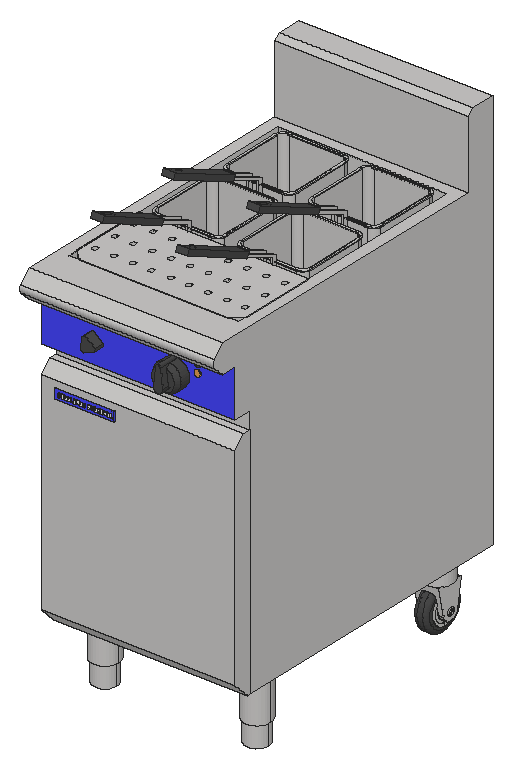
Revit family "QF_MOFFAT_BLUESEAL_AU_E47-7", category Specialty Equipment, Revit 2012
Parameters
  Weight in Pounds = 172
  Watts = 7000 W
  Waste Water Discharge Temperature [instance] = -459.67 °F
  Volts = 230 V
  URL Cutsheet = "www.moffat.com"
  URL = "www.moffat.com"
  Type Mark [instance] = ""
  Status [instance] = ""
  Specification by User [instance] = ""
  Specification by Manufacturer = ""
  Show Logo [instance] = yes
  Show Clearance [instance] = yes
  Show Casters [instance] = yes
  Serial Number = ""
  Seismic Rating = ""
  SMACNA No = ""
  Revision Code [instance] = ""
  Plumbing Remarks = ""
  Plumbing Connection Type = ""
  Phase = 1
  Omniclass Number and Title = ""
  Number of Poles [instance] = 1
  NAFEM Spec ID Number = ""
  Model = "E47-7"
  Min Ckt Ampacity = 0 A
  Max Overcurrent Protection = 0 A
  Masterspec = ""
  Manufacturer = "MOFFAT BLUESEAL"
  Legs [instance] = not(Show Casters)  # no
  Item Number [instance] = ""
  Installed By [instance] = ""
  Indirect Waste Size = 1"
  Indirect Waste Flow [instance] = 0 GPM
  Indirect Waste Connection Type = ""
  Indirect Waste Connection Height = 0 mm
  Identify Quantity as Lot [instance] = yes
  HP = ""
  Furnished By [instance] = ""
  Foodservice Equipment Identifier [instance] = yes
  FL Amps = 29.2 A
  Electrical Remarks [instance] = "29.2A PER PHASE"
  Electric Connection Type [instance] = ""
  Elec Conn RI Height [instance] = 0 mm
  Elec Conn Connection Height [instance] = 0 mm
  Description = "450MM ELECTRIC PASTA COOKER SINGLE PAN"
  Cycle = 50 Hz
  Conn Plug = ""
  Conn Conduit = yes
  Cold Water Temperature Recommended [instance] = -459.67 °F
  Cold Water Size = 1/2"
  Cold Water RI Height [instance] = 0 mm
  Cold Water Minimum Pressure = 0.00 psi
  Cold Water Maximum Pressure = 0.00 psi
  Cold Water Flow [instance] = 0 GPM
  Cold Water Consumption = ""
  Cold Water Connection Height = 0 mm
  CSI MasterFormat = ""
  CSI Master Format = ""
  Apparent Power = if(Phase = 3, Volts * FL Amps * 1.73, Volts * FL Amps)  # 6716 VA
Reference planes
  plane 1 "BACK": y = 0
  plane 2: z = 0
  plane 3 "LEFT": x = 0
  plane 4 "RIGHT": x = 450
  plane 5 "FRONT": y = -804.5
  plane 6 "TOP": z = 1085.5
  plane 7 "Center Y": x = 225
  plane 8 "Center X": y = -402.25
  plane 9: y = -470
  plane 10: x = 116
  plane 11: x = 49
  plane 12: y = -541
  plane 13: x = 92.16
  plane 14: y = -541
  plane 15: x = 180.045
  plane 16: y = -541
  plane 17: x = 224.495
  plane 18: y = -541
  plane 19: x = 267.312
  plane 20: y = -541
  plane 21: x = 355.197
  plane 22: y = -541
  plane 23: x = 398.358
  plane 24: y = -541
Forms (mm)
  Extrusion 1, solid, material "QF_Finishes_Stainless Steel"
    sketch origin (0, 0, 0) x (0, 1, 0) y (0, 0, 1)
      loop
        line (-705, 150) -> (0, 150) -> (0, 1085.5) -> (-57, 1085.5) -> (-70, 1072.5) -> (-70, 915) -> (-783.97, 915) -> (-808.485, 890.485)
        arc (-808.485, 890.485) -> (-811.999, 882) -> (-808.485, 873.515) r 12
        line (-808.485, 873.515) -> (-784.97, 850) -> (-749, 850) -> (-749, 740) -> (-705, 740) -> (-705, 150)
    from 0 to 450
  Extrusion 2, solid, material "QF_Finishes_Stainless Steel"
    sketch origin (0, 0, 0) x (0, 1, 0) y (0, 0, 1)
      loop
        line (-749, 676) -> (-749, 186) -> (-713, 150) -> (-705, 150) -> (-705, 700) -> (-725, 700) -> (-749, 676)
    from 0 to 450
  Revolve 3, solid, material "QF_Finishes_Stainless Steel"
    sketch origin (-16.8, -625, 0) x (1, 0, 0) y (0, 0, 1)
      loop
        line (65, 0) -> (65, 150) -> (33.25, 150) -> (33.25, 50) -> (37.5, 50) -> (37.5, 0) -> (65, 0)
      axis (65, 0) -> (65, 150)
    angle from 0 to 360
  Revolve 4, solid, material "QF_Finishes_Stainless Steel"
    sketch origin (466.8, -625, 0) x (-1, 0, 0) y (0, 0, 1)
      loop
        line (65, 0) -> (65, 150) -> (33.25, 150) -> (33.25, 50) -> (37.5, 50) -> (37.5, 0) -> (65, 0)
      axis (65, 0) -> (65, 150)
    angle from 0 to 360
  Revolve 5, solid, material "QF_Finishes_Stainless Steel", visible <- "Legs"
    sketch origin (401.8, -166, 0) x (0, 1, 0) y (0, 0, -1)
      loop
        line (34.25, -150) -> (66, -150) -> (66, 0) -> (38.5, 0) -> (38.5, -50) -> (34.25, -50) -> (34.25, -150)
      axis (66, -150) -> (66, 0)
    angle from 0 to 360
  Revolve 6, solid, material "QF_Finishes_Stainless Steel", visible <- "Show Casters"
    sketch origin (451.024, -100.755, -12.8) x (-1, 0, 0) y (0, 0, -1)
      loop
        line (14.841, -63.604) -> (14.841, -67.109) -> (16.111, -68.379) -> (17.635, -68.379) -> (17.635, -71.826) -> (29.782, -71.826) -> (29.782, -81.871) -> (33.352, -83.932) -> (34.687, -92.179) -> (32.544, -92.179) -> (32.544, -98.529) -> (33.338, -98.529) -> (33.338, -104.879)
        arc (33.338, -104.879) -> (36.127, -111.614) -> (42.863, -114.404) r 9.525
        line (42.863, -114.404) -> (55.563, -114.404)
        arc (55.563, -114.404) -> (62.298, -111.614) -> (65.088, -104.879) r 9.525
        line (65.088, -104.879) -> (65.088, -98.529) -> (65.881, -98.529) -> (65.881, -92.179) -> (63.738, -92.179) -> (65.088, -83.843) -> (68.644, -81.79) -> (68.644, -71.826) -> (80.79, -71.826) -> (80.79, -68.379) -> (82.314, -68.379) -> (83.584, -67.109) -> (83.584, -63.604) -> (14.841, -63.604)
      axis (14.841, -63.604) -> (83.584, -63.604)
    angle from 0 to 360
  Extrusion 7, solid, material "QF_Finishes_Stainless Steel", visible <- "Show Casters"
    sketch origin (395.299, 132.353, -8.783) x (0, 1, 0) y (0, 0, -1)
      loop
        line (-200.603, -118.783) -> (-212.959, -53.895)
        arc (-212.959, -53.895) -> (-232.353, -38.783) -> (-251.746, -53.895) r 20
        line (-251.746, -53.895) -> (-264.103, -118.783) -> (-200.603, -118.783)
    from -35.667 to 22.923
  Revolve 8, solid, material "QF_Finishes_Stainless Steel", visible <- "Show Casters"
    sketch origin (401.8, -204, 0) x (0, 1, 0) y (0, 0, -1)
      loop
        line (68.25, -150) -> (104, -150) -> (104, -110) -> (68.25, -110) -> (68.25, -150)
      axis (104, -150) -> (104, -110)
    angle from 0 to 360
  Revolve 9, solid, material "QF_Finishes_Stainless Steel", visible <- "Legs"
    sketch origin (401.8, -166, 0) x (0, 1, 0) y (0, 0, -1)
      loop
        line (34.25, -150) -> (66, -150) -> (66, 0) -> (38.5, 0) -> (38.5, -50) -> (34.25, -50) -> (34.25, -150)
      axis (66, -150) -> (66, 0)
    angle from 0 to 360
  Revolve 10, solid, material "QF_Finishes_Stainless Steel", visible <- "Legs"
    sketch origin (48.2, -166, 0) x (0, 1, 0) y (0, 0, -1)
      loop
        line (34.25, -150) -> (66, -150) -> (66, 0) -> (38.5, 0) -> (38.5, -50) -> (34.25, -50) -> (34.25, -150)
      axis (66, -150) -> (66, 0)
    angle from 0 to 360
  Revolve 11, solid, material "QF_Finishes_Stainless Steel", visible <- "Show Casters"
    sketch origin (97.424, -100.755, -12.8) x (-1, 0, 0) y (0, 0, -1)
      loop
        line (14.841, -63.604) -> (14.841, -67.109) -> (16.111, -68.379) -> (17.635, -68.379) -> (17.635, -71.826) -> (29.782, -71.826) -> (29.782, -81.871) -> (33.352, -83.932) -> (34.687, -92.179) -> (32.544, -92.179) -> (32.544, -98.529) -> (33.338, -98.529) -> (33.338, -104.879)
        arc (33.338, -104.879) -> (36.127, -111.614) -> (42.863, -114.404) r 9.525
        line (42.863, -114.404) -> (55.563, -114.404)
        arc (55.563, -114.404) -> (62.298, -111.614) -> (65.088, -104.879) r 9.525
        line (65.088, -104.879) -> (65.088, -98.529) -> (65.881, -98.529) -> (65.881, -92.179) -> (63.738, -92.179) -> (65.088, -83.843) -> (68.644, -81.79) -> (68.644, -71.826) -> (80.79, -71.826) -> (80.79, -68.379) -> (82.314, -68.379) -> (83.584, -67.109) -> (83.584, -63.604) -> (14.841, -63.604)
      axis (14.841, -63.604) -> (83.584, -63.604)
    angle from 0 to 360
  Extrusion 12, solid, material "QF_Finishes_Stainless Steel", visible <- "Show Casters"
    sketch origin (41.699, 132.353, -8.783) x (0, 1, 0) y (0, 0, -1)
      loop
        line (-200.603, -118.783) -> (-212.959, -53.895)
        arc (-212.959, -53.895) -> (-232.353, -38.783) -> (-251.746, -53.895) r 20
        line (-251.746, -53.895) -> (-264.103, -118.783) -> (-200.603, -118.783)
    from -35.667 to 22.923
  Revolve 13, solid, material "QF_Finishes_Stainless Steel", visible <- "Show Casters"
    sketch origin (48.2, -204, 0) x (0, 1, 0) y (0, 0, -1)
      loop
        line (68.25, -150) -> (104, -150) -> (104, -110) -> (68.25, -110) -> (68.25, -150)
      axis (104, -150) -> (104, -110)
    angle from 0 to 360
  Revolve 14, solid, material "QF_Finishes_Stainless Steel", visible <- "Legs"
    sketch origin (48.2, -166, 0) x (0, 1, 0) y (0, 0, -1)
      loop
        line (34.25, -150) -> (66, -150) -> (66, 0) -> (38.5, 0) -> (38.5, -50) -> (34.25, -50) -> (34.25, -150)
      axis (66, -150) -> (66, 0)
    angle from 0 to 360
  Extrusion 15, solid, material "QF_Finishes_Orange"
    sketch origin (-661.662, -749, 852.5) x (0, 0, -1) y (1, 0, 0)
      loop
        circle (45.2, 1025.121) r 7.15
    from 0 to 1
  Revolve 16, solid, material "QF_Finishes_Black"
    sketch origin (318.453, 7, 760.3) x (0, 1, 0) y (0, 0, -1)
      loop
        line (-789, -69.5) -> (-766, -69.5) -> (-766, -42) -> (-756, -42) -> (-756, -37) -> (-800, -37) -> (-800, -63.651) -> (-789, -69.5)
      axis (-800, -37) -> (-756, -37)
    angle from 0 to 360
  Extrusion 17, solid, material "QF_Finishes_Black"
    sketch origin (456.723, 0, 760.458) x (-1, 0, 0) y (0, 0, -1)
      loop
        line (127.85, -26.064) -> (133.27, -68.983)
        arc (133.27, -68.983) -> (138.269, -73.87) -> (143.267, -68.983) r 5
        line (143.267, -68.983) -> (148.756, -24.898)
        arc (148.756, -24.898) -> (137.684, -14.399) -> (127.85, -26.064) r 10.487
    from 759 to 808
  Extrusion 18, solid, material "QF_Finishes_Black"
    sketch origin (-661.662, -749, 852.5) x (0, 0, -1) y (1, 0, 0)
      loop
        circle (25.2, 1025.121) r 7.15
    from 0 to 1
  Extrusion 19, solid, material "QF_Finishes_Black"
    sketch origin (22.819, -759, 866) x (0, 0, -1) y (1, 0, 0)
      loop
        line (86.551, 101.927) -> (74.537, 128.133) -> (67.527, 128.793) -> (50.134, 105.178) -> (53.346, 98.172) -> (81.813, 95.495) -> (86.551, 101.927)
    from 0 to 23
  Extrusion 20, void
    sketch origin (0, 0, 0) x (0, 1, 0) y (0, 0, 1)
      loop
        line (-95.5, 915) -> (-705, 915) -> (-705, 747.948) -> (-95.5, 747.948) -> (-95.5, 915)
    from 27.4 to 422.6
  Extrusion 21, solid, material "QF_Finishes_Stainless Steel"
    sketch origin (0, -783.97, 439.117) x (0, 1, 0) y (-1, 0, 0)
      loop
        circle (358.942, -392) r 6.35
    from -3.49 to 1.588
  Extrusion 22, solid, material "QF_Finishes_Stainless Steel"
    sketch origin (0, 0, 0) x (1, 0, 0) y (0, 1, 0)
      loop
        circle (116, -470) r 10
    from 170 to 175
  Extrusion 23, solid, material "QF_Finishes_Stainless Steel"
    sketch origin (0, 0, 150) x (-1, 0, 0) y (0, 1, 0)
      loop
        circle (-49, -541) r 6.35
    from 0 to 1.588
  Extrusion 24, solid, material "QF_Finishes_Stainless Steel"
    sketch origin (43.16, 0, 150) x (-1, 0, 0) y (0, 1, 0)
      loop
        circle (-49, -541) r 6.35
    from 0 to 1.588
  Extrusion 25, solid, material "QF_Finishes_Stainless Steel"
    sketch origin (131.045, 0, 150) x (-1, 0, 0) y (0, 1, 0)
      loop
        circle (-49, -541) r 6.35
    from 0 to 1.588
  Extrusion 26, solid, material "QF_Finishes_Stainless Steel"
    sketch origin (175.495, 0, 150) x (-1, 0, 0) y (0, 1, 0)
      loop
        circle (-49, -541) r 6.35
    from 0 to 1.588
  Extrusion 27, solid, material "QF_Finishes_Stainless Steel"
    sketch origin (218.312, 0, 150) x (-1, 0, 0) y (0, 1, 0)
      loop
        circle (-49, -541) r 6.35
    from 0 to 1.588
  Extrusion 28, solid, material "QF_Finishes_Stainless Steel"
    sketch origin (306.197, 0, 150) x (-1, 0, 0) y (0, 1, 0)
      loop
        circle (-49, -541) r 6.35
    from 0 to 1.588
  Extrusion 29, solid, material "QF_Finishes_Stainless Steel"
    sketch origin (349.358, 0, 150) x (-1, 0, 0) y (0, 1, 0)
      loop
        circle (-49, -541) r 6.35
    from 0 to 1.588
  Extrusion 30, solid, material "QF_Door-Drawer Clearances", visible <- "Show Clearance", detail levels coarse
    sketch origin (32.187, -710.65, 150) x (-1, 0, 0) y (0, 1, 0)
      loop
        line (32.187, -38.35) -> (-417.813, -38.35)
        arc (-417.813, -38.35) -> (-286.605, -360.107) -> (32.187, -498.361) r 460.122
        line (32.187, -498.361) -> (32.187, -38.35)
    from 0 to -550
  Extrusion 31, solid, material "QF_Finishes_Stainless Steel"
    sketch origin (0, 0, 0) x (1, 0, 0) y (0, 1, 0)
      loop
        line (422.6, -499.7) -> (27.4, -499.7) -> (27.4, -679.6) -> (52.8, -705) -> (397.2, -705) -> (422.6, -679.6) -> (422.6, -499.7)
    from 898.356 to 915
  Extrusion 32, void
    sketch origin (0, -692.812, 915) x (0, 1, 0) y (-1, 0, 0)
      loop
        circle (151.722, -50.321) r 6.35
      loop
        circle (94.572, -50.321) r 6.35
      loop
        circle (37.422, -50.321) r 6.35
      loop
        circle (151.722, -225.817) r 6.35
      loop
        circle (94.572, -225.817) r 6.35
      loop
        circle (37.422, -225.817) r 6.35
      loop
        circle (151.722, -181.367) r 6.35
      loop
        circle (94.572, -181.367) r 6.35
      loop
        circle (37.422, -181.367) r 6.35
      loop
        circle (151.722, -137.932) r 6.35
      loop
        circle (94.572, -137.932) r 6.35
      loop
        circle (37.422, -137.932) r 6.35
      loop
        circle (151.722, -93.482) r 6.35
      loop
        circle (94.572, -93.482) r 6.35
      loop
        circle (37.422, -93.482) r 6.35
      loop
        circle (151.722, -399.679) r 6.35
      loop
        circle (94.572, -399.679) r 6.35
      loop
        circle (37.422, -399.679) r 6.35
      loop
        circle (151.722, -268.633) r 6.35
      loop
        circle (94.572, -268.633) r 6.35
      loop
        circle (37.422, -268.633) r 6.35
      loop
        circle (151.722, -312.068) r 6.35
      loop
        circle (94.572, -312.068) r 6.35
      loop
        circle (37.422, -312.068) r 6.35
      loop
        circle (151.722, -356.518) r 6.35
      loop
        circle (94.572, -356.518) r 6.35
      loop
        circle (37.422, -356.518) r 6.35
    from -24.435 to 1.588
Cuts and joins
  Extrusion 20 cuts Extrusion 1
  Extrusion 32 cuts Extrusion 31
Lines and regions (mm)
  symbolic lines
    curve 1: line (0, 0, 915) -> (450, 0, 915)
    curve 2: line (0, -804.5, 915) -> (0, 0, 915)
    curve 3: line (450, -804.5, 915) -> (0, -804.5, 915)
    curve 4: line (450, 0, 915) -> (450, -804.5, 915)
    curve 5: line (0, -783.97, 915) -> (450, -783.97, 915)
    curve 6: line (27.4, -95.5, 915) -> (422.6, -95.5, 915)
    curve 7: line (422.6, -95.5, 915) -> (422.6, -705, 915)
    curve 8: line (422.6, -705, 915) -> (27.4, -705, 915)
    curve 9: line (27.4, -705, 915) -> (27.4, -95.5, 915)
    curve 10: line (422.6, -499.7, 915) -> (27.4, -499.7, 915)
    curve 11: line (0, -57, 915) -> (450, -57, 915)
    curve 12: line (0, -70, 915) -> (450, -70, 915)
    curve 50: line (27.4, -679.6, 0) -> (52.8, -705, 0)
    curve 51: line (397.2, -705, 0) -> (422.6, -679.6, 0)
  symbolic lines, style "SpecialityEquipmentHiddenLines", visible <- "Show Casters"
    curve 13: line (106.952, -62.61, 0) -> (56.152, -150.598, 0)
    curve 14: line (79.456, -46.735, 0) -> (106.952, -62.61, 0)
    curve 15: line (28.656, -134.723, 0) -> (79.456, -46.735, 0)
    curve 16: line (56.152, -150.598, 0) -> (28.656, -134.723, 0)
    curve 17: line (431.952, -62.61, 0) -> (381.152, -150.598, 0)
    curve 18: line (404.456, -46.735, 0) -> (431.952, -62.61, 0)
    curve 19: line (353.656, -134.723, 0) -> (404.456, -46.735, 0)
    curve 20: line (381.152, -150.598, 0) -> (353.656, -134.723, 0)
  symbolic lines, style "QF_Door-Drawer Clearances"
    curve 21: arc (446.641, -804.5, 0) -> (427.109, -892.322, 0) -> (390.862, -974.664, 0) r 460.122
    curve 22: line (96.129, -804.5, 0) -> (390.862, -974.664, 0)
  symbolic lines, style "SpecialityEquipment"
    curve 23: circle (50.321, -541.09, 0) r 6.35 normal (0, 0, 1)
    curve 24: circle (50.321, -598.24, 0) r 6.35 normal (0, 0, 1)
    curve 25: circle (50.321, -655.39, 0) r 6.35 normal (0, 0, 1)
    curve 26: circle (225.817, -541.09, 0) r 6.35 normal (0, 0, 1)
    curve 27: circle (225.817, -598.24, 0) r 6.35 normal (0, 0, 1)
    curve 28: circle (225.817, -655.39, 0) r 6.35 normal (0, 0, 1)
    curve 29: circle (181.367, -541.09, 0) r 6.35 normal (0, 0, 1)
    curve 30: circle (181.367, -598.24, 0) r 6.35 normal (0, 0, 1)
    curve 31: circle (181.367, -655.39, 0) r 6.35 normal (0, 0, 1)
    curve 32: circle (137.932, -541.09, 0) r 6.35 normal (0, 0, 1)
    curve 33: circle (137.932, -598.24, 0) r 6.35 normal (0, 0, 1)
    curve 34: circle (137.932, -655.39, 0) r 6.35 normal (0, 0, 1)
    curve 35: circle (93.482, -541.09, 0) r 6.35 normal (0, 0, 1)
    curve 36: circle (93.482, -598.24, 0) r 6.35 normal (0, 0, 1)
    curve 37: circle (93.482, -655.39, 0) r 6.35 normal (0, 0, 1)
    curve 38: circle (399.679, -541.09, 0) r 6.35 normal (0, 0, -1)
    curve 39: circle (399.679, -598.24, 0) r 6.35 normal (0, 0, -1)
    curve 40: circle (399.679, -655.39, 0) r 6.35 normal (0, 0, -1)
    curve 41: circle (268.633, -541.09, 0) r 6.35 normal (0, 0, -1)
    curve 42: circle (268.633, -598.24, 0) r 6.35 normal (0, 0, -1)
    curve 43: circle (268.633, -655.39, 0) r 6.35 normal (0, 0, -1)
    curve 44: circle (312.068, -541.09, 0) r 6.35 normal (0, 0, -1)
    curve 45: circle (312.068, -598.24, 0) r 6.35 normal (0, 0, -1)
    curve 46: circle (312.068, -655.39, 0) r 6.35 normal (0, 0, -1)
    curve 47: circle (356.518, -541.09, 0) r 6.35 normal (0, 0, -1)
    curve 48: circle (356.518, -598.24, 0) r 6.35 normal (0, 0, -1)
    curve 49: circle (356.518, -655.39, 0) r 6.35 normal (0, 0, -1)
Dimensions and locks
  equal spacing: plane 3 "LEFT", plane 7 "Center Y", plane 4 "RIGHT"
  plane 3 "LEFT" to plane 4 "RIGHT" = 450 mm
  equal spacing: plane 5 "FRONT", plane 8 "Center X", plane 1 "BACK"
  plane 5 "FRONT" to plane 1 "BACK" = 804.5 mm
  Revolve 6 sketch curve to Revolve 6 sketch curve = 50.8 mm
  Revolve 11 sketch curve to Revolve 11 sketch curve = 50.8 mm
  plane 9 to plane 1 "BACK" = 470 mm
  plane 3 "LEFT" to plane 10 = 116 mm
  plane 3 "LEFT" to plane 11 = 49 mm
  plane 12 to plane 1 "BACK" = 541 mm
  Extrusion 21 sketch curve to plane 4 "RIGHT" = 58 mm
  aligned and locked: level to plane 2
  aligned and locked: Extrusion 2 to plane 4 "RIGHT"
  aligned and locked: Extrusion 1 to plane 4 "RIGHT"
Automatic sketch dimensions
  Extrusion 1 sketch curve to plane 6 "TOP" = 0 mm
  Extrusion 1 sketch curve to plane 1 "BACK" = 0 mm
  plane 1 "BACK" to Extrusion 1 sketch curve = 57 mm
  plane 1 "BACK" to Extrusion 1 sketch curve = 70 mm
  Extrusion 1 sketch curve to plane 5 "FRONT" = 99.5 mm
  Extrusion 1 sketch curve to plane 5 "FRONT" = 55.5 mm
  Extrusion 1 sketch curve to plane 5 "FRONT" = 20.53 mm
  Extrusion 1 sketch curve to plane 5 "FRONT" = 19.53 mm
  Extrusion 1 sketch curve to plane 5 "FRONT" = 4.501 mm
  plane 5 "FRONT" to Extrusion 1 sketch curve = 3.985 mm  (x2)
  Extrusion 1 sketch curve to plane 6 "TOP" = 13 mm
  Extrusion 1 sketch curve to plane 6 "TOP" = 170.5 mm
  Extrusion 1 sketch curve to Extrusion 1 sketch curve = 24.515 mm
  Extrusion 1 sketch curve to Extrusion 1 sketch curve = 8.485 mm
  Extrusion 1 sketch curve to Extrusion 1 sketch curve = 23.515 mm
  Extrusion 1 sketch curve to Extrusion 1 sketch curve = 110 mm
  level to Extrusion 1 sketch curve = 150 mm
  Extrusion 2 sketch curve to plane 5 "FRONT" = 55.5 mm
  Extrusion 2 sketch curve to Extrusion 2 sketch curve = 24 mm  (x2)
  Extrusion 2 sketch curve to Extrusion 2 sketch curve = 36 mm  (x2)
  Extrusion 2 sketch curve to Extrusion 2 sketch curve = 8 mm
  level to Extrusion 2 sketch curve = 150 mm
  Extrusion 2 sketch curve to plane 6 "TOP" = 409.5 mm
  Revolve 3 sketch curve to level = 0 mm
  plane 3 "LEFT" to Revolve 3 sketch curve = 16.45 mm
  Revolve 3 sketch curve to Revolve 3 sketch curve = 4.25 mm
  Revolve 3 sketch curve to Revolve 3 sketch curve = 31.75 mm
  Revolve 3 sketch curve to Revolve 3 sketch curve = 0 mm  (x2)
  Revolve 3 sketch curve to Revolve 3 sketch curve = 50 mm
  Revolve 3 sketch curve to Revolve 3 sketch curve = 100 mm
  Revolve 3 sketch curve to Revolve 3 sketch curve = 25 mm
  Revolve 4 sketch curve to level = 0 mm
  Revolve 4 sketch curve to plane 4 "RIGHT" = 16.45 mm
  Revolve 4 sketch curve to Revolve 4 sketch curve = 4.25 mm
  Revolve 4 sketch curve to Revolve 4 sketch curve = 31.75 mm
  Revolve 4 sketch curve to Revolve 4 sketch curve = 0 mm  (x2)
  Revolve 4 sketch curve to Revolve 4 sketch curve = 50 mm
  Revolve 4 sketch curve to Revolve 4 sketch curve = 100 mm
  Revolve 4 sketch curve to Revolve 4 sketch curve = 25 mm
  Revolve 5 sketch curve to level = 0 mm
  level to Revolve 5 sketch curve = 50 mm
  plane 1 "BACK" to Revolve 5 sketch curve = 131.75 mm
  Revolve 5 sketch curve to Revolve 5 sketch curve = 4.25 mm
  Revolve 5 sketch curve to Revolve 5 sketch curve = 27.5 mm  (x2)
  Revolve 5 sketch curve to Revolve 5 sketch curve = 100 mm
  Revolve 5 sketch curve to Revolve 5 sketch curve = 0 mm
  Revolve 5 sketch curve to Revolve 5 sketch curve = 55 mm
  plane 4 "RIGHT" to Revolve 6 sketch curve = 13.818 mm
  Revolve 6 sketch curve to Revolve 6 sketch curve = 1.27 mm  (x4)
  Revolve 6 sketch curve to Revolve 6 sketch curve = 1.524 mm  (x2)
  Revolve 6 sketch curve to Revolve 6 sketch curve = 12.146 mm  (x2)
  Revolve 6 sketch curve to Revolve 6 sketch curve = 2.762 mm
  Revolve 6 sketch curve to Revolve 6 sketch curve = 0.794 mm  (x2)
  Revolve 6 sketch curve to Revolve 6 sketch curve = 3.57 mm
  Revolve 6 sketch curve to Revolve 6 sketch curve = 2.143 mm
  Revolve 6 sketch curve to Revolve 6 sketch curve = 9.525 mm
  Revolve 6 sketch curve to Revolve 6 sketch curve = 24.572 mm
  Revolve 6 sketch curve to Revolve 6 sketch curve = 12.7 mm
  Revolve 6 sketch curve to Revolve 6 sketch curve = 8.176 mm
  Revolve 6 sketch curve to Revolve 6 sketch curve = 1.349 mm  (x2)
  Revolve 6 sketch curve to Revolve 6 sketch curve = 3.556 mm
  Revolve 6 sketch curve to Revolve 6 sketch curve = 33.32 mm
  level to Revolve 6 sketch curve = 101.604 mm
  Revolve 6 sketch curve to Revolve 6 sketch curve = 6.35 mm  (x4)
  Revolve 6 sketch curve to Revolve 6 sketch curve = 8.247 mm
  Revolve 6 sketch curve to Revolve 6 sketch curve = 8.336 mm
  Revolve 6 sketch curve to Revolve 6 sketch curve = 2.061 mm
  Revolve 6 sketch curve to Revolve 6 sketch curve = 2.053 mm
  Revolve 6 sketch curve to Revolve 6 sketch curve = 10.045 mm
  Revolve 6 sketch curve to Revolve 6 sketch curve = 9.964 mm
  Revolve 6 sketch curve to Revolve 6 sketch curve = 3.447 mm  (x2)
  Revolve 6 sketch curve to Revolve 6 sketch curve = 3.505 mm
  plane 1 "BACK" to Extrusion 7 sketch curve = 131.75 mm
  level to Extrusion 7 sketch curve = 45.111 mm  (x2)
  Extrusion 7 sketch curve to Extrusion 7 sketch curve = 12.357 mm
  Extrusion 7 sketch curve to Extrusion 7 sketch curve = 19.393 mm
  Extrusion 7 sketch curve to Extrusion 7 sketch curve = 63.5 mm
  Extrusion 7 sketch curve to Extrusion 7 sketch curve = 4.889 mm
  Extrusion 7 sketch curve to Extrusion 7 sketch curve = 64.889 mm
  plane 1 "BACK" to Revolve 8 sketch curve = 135.75 mm
  plane 1 "BACK" to Revolve 8 sketch curve = 100 mm
  Revolve 8 sketch curve to Revolve 8 sketch curve = 35.75 mm
  level to Revolve 8 sketch curve = 150 mm
  Revolve 8 sketch curve to Revolve 8 sketch curve = 40 mm
  level to Revolve 8 sketch curve = 50 mm
  Revolve 8 sketch curve to level = 55 mm
  Revolve 9 sketch curve to level = 0 mm
  level to Revolve 9 sketch curve = 50 mm
  plane 1 "BACK" to Revolve 9 sketch curve = 131.75 mm
  Revolve 9 sketch curve to Revolve 9 sketch curve = 4.25 mm
  Revolve 9 sketch curve to Revolve 9 sketch curve = 27.5 mm  (x2)
  Revolve 9 sketch curve to Revolve 9 sketch curve = 100 mm
  Revolve 9 sketch curve to Revolve 9 sketch curve = 0 mm
  Revolve 9 sketch curve to Revolve 9 sketch curve = 55 mm
  Revolve 10 sketch curve to level = 0 mm
  level to Revolve 10 sketch curve = 50 mm
  plane 1 "BACK" to Revolve 10 sketch curve = 131.75 mm
  Revolve 10 sketch curve to Revolve 10 sketch curve = 4.25 mm
  Revolve 10 sketch curve to Revolve 10 sketch curve = 27.5 mm  (x2)
  Revolve 10 sketch curve to Revolve 10 sketch curve = 100 mm
  Revolve 10 sketch curve to Revolve 10 sketch curve = 0 mm
  Revolve 10 sketch curve to Revolve 10 sketch curve = 55 mm
  plane 3 "LEFT" to Revolve 11 sketch curve = 82.582 mm
  Revolve 11 sketch curve to Revolve 11 sketch curve = 1.27 mm  (x4)
  Revolve 11 sketch curve to Revolve 11 sketch curve = 1.524 mm  (x2)
  Revolve 11 sketch curve to Revolve 11 sketch curve = 12.146 mm  (x2)
  Revolve 11 sketch curve to Revolve 11 sketch curve = 2.762 mm
  Revolve 11 sketch curve to Revolve 11 sketch curve = 0.794 mm  (x2)
  Revolve 11 sketch curve to Revolve 11 sketch curve = 3.57 mm
  Revolve 11 sketch curve to Revolve 11 sketch curve = 2.143 mm
  Revolve 11 sketch curve to Revolve 11 sketch curve = 9.525 mm
  Revolve 11 sketch curve to Revolve 11 sketch curve = 24.572 mm
  Revolve 11 sketch curve to Revolve 11 sketch curve = 12.7 mm
  Revolve 11 sketch curve to Revolve 11 sketch curve = 8.176 mm
  Revolve 11 sketch curve to Revolve 11 sketch curve = 1.349 mm  (x2)
  Revolve 11 sketch curve to Revolve 11 sketch curve = 3.556 mm
  Revolve 11 sketch curve to plane 3 "LEFT" = 19.48 mm
  level to Revolve 11 sketch curve = 101.604 mm
  Revolve 11 sketch curve to Revolve 11 sketch curve = 6.35 mm  (x4)
  Revolve 11 sketch curve to Revolve 11 sketch curve = 8.247 mm
  Revolve 11 sketch curve to Revolve 11 sketch curve = 8.336 mm
  Revolve 11 sketch curve to Revolve 11 sketch curve = 2.061 mm
  Revolve 11 sketch curve to Revolve 11 sketch curve = 2.053 mm
  Revolve 11 sketch curve to Revolve 11 sketch curve = 10.045 mm
  Revolve 11 sketch curve to Revolve 11 sketch curve = 9.964 mm
  Revolve 11 sketch curve to Revolve 11 sketch curve = 3.447 mm  (x2)
  Revolve 11 sketch curve to Revolve 11 sketch curve = 3.505 mm
  plane 1 "BACK" to Extrusion 12 sketch curve = 131.75 mm
  level to Extrusion 12 sketch curve = 45.111 mm  (x2)
  Extrusion 12 sketch curve to Extrusion 12 sketch curve = 12.357 mm
  Extrusion 12 sketch curve to Extrusion 12 sketch curve = 19.393 mm
  Extrusion 12 sketch curve to Extrusion 12 sketch curve = 63.5 mm
  Extrusion 12 sketch curve to Extrusion 12 sketch curve = 4.889 mm
  Extrusion 12 sketch curve to Extrusion 12 sketch curve = 64.889 mm
  plane 1 "BACK" to Revolve 13 sketch curve = 135.75 mm
  plane 1 "BACK" to Revolve 13 sketch curve = 100 mm
  Revolve 13 sketch curve to Revolve 13 sketch curve = 35.75 mm
  level to Revolve 13 sketch curve = 150 mm
  Revolve 13 sketch curve to Revolve 13 sketch curve = 40 mm
  level to Revolve 13 sketch curve = 50 mm
  Revolve 13 sketch curve to level = 55 mm
  Revolve 14 sketch curve to level = 0 mm
  level to Revolve 14 sketch curve = 50 mm
  plane 1 "BACK" to Revolve 14 sketch curve = 131.75 mm
  Revolve 14 sketch curve to Revolve 14 sketch curve = 4.25 mm
  Revolve 14 sketch curve to Revolve 14 sketch curve = 27.5 mm  (x2)
  Revolve 14 sketch curve to Revolve 14 sketch curve = 100 mm
  Revolve 14 sketch curve to Revolve 14 sketch curve = 0 mm
  Revolve 14 sketch curve to Revolve 14 sketch curve = 55 mm
  plane 4 "RIGHT" to Extrusion 15 sketch curve = 86.542 mm
  Extrusion 15 sketch curve to plane 6 "TOP" = 278.2 mm
  Revolve 16 sketch curve to plane 5 "FRONT" = 11.5 mm
  Revolve 16 sketch curve to Revolve 16 sketch curve = 0 mm  (x2)
  Revolve 16 sketch curve to Revolve 16 sketch curve = 11 mm
  Revolve 16 sketch curve to Revolve 16 sketch curve = 12.7 mm
  Revolve 16 sketch curve to Revolve 16 sketch curve = 23 mm
  Revolve 16 sketch curve to Revolve 16 sketch curve = 10 mm
  Revolve 16 sketch curve to plane 6 "TOP" = 255.7 mm
  Revolve 16 sketch curve to Revolve 16 sketch curve = 5.849 mm
  Revolve 16 sketch curve to Revolve 16 sketch curve = 27.5 mm
  Revolve 16 sketch curve to Revolve 16 sketch curve = 5 mm
  plane 7 "Center Y" to Extrusion 17 sketch curve = 103.873 mm
  Extrusion 17 sketch curve to Extrusion 17 sketch curve = 5.421 mm
  Extrusion 17 sketch curve to Extrusion 17 sketch curve = 10.419 mm
  Extrusion 17 sketch curve to Extrusion 17 sketch curve = 4.999 mm  (x2)
  Extrusion 17 sketch curve to Extrusion 17 sketch curve = 10.487 mm
  Extrusion 17 sketch curve to plane 6 "TOP" = 256.059 mm
  Extrusion 17 sketch curve to Extrusion 17 sketch curve = 0.113 mm
  Extrusion 17 sketch curve to Extrusion 17 sketch curve = 42.919 mm
  Extrusion 17 sketch curve to Extrusion 17 sketch curve = 1.167 mm
  plane 4 "RIGHT" to Extrusion 18 sketch curve = 86.542 mm
  Extrusion 18 sketch curve to plane 6 "TOP" = 258.2 mm
  Extrusion 19 sketch curve to plane 7 "Center Y" = 97.003 mm
  Extrusion 19 sketch curve to plane 6 "TOP" = 269.634 mm
  Extrusion 19 sketch curve to plane 7 "Center Y" = 104.009 mm
  Extrusion 19 sketch curve to Extrusion 19 sketch curve = 3.212 mm
  Extrusion 19 sketch curve to plane 7 "Center Y" = 73.388 mm
  Extrusion 19 sketch curve to Extrusion 19 sketch curve = 17.393 mm
  Extrusion 19 sketch curve to plane 7 "Center Y" = 74.048 mm
  Extrusion 19 sketch curve to Extrusion 19 sketch curve = 7.011 mm
  Extrusion 19 sketch curve to plane 7 "Center Y" = 106.686 mm
  Extrusion 19 sketch curve to Extrusion 19 sketch curve = 28.467 mm
  Extrusion 19 sketch curve to plane 7 "Center Y" = 100.254 mm
  Extrusion 19 sketch curve to Extrusion 19 sketch curve = 4.738 mm
  plane 1 "BACK" to Extrusion 20 sketch curve = 95.5 mm
  Extrusion 20 sketch curve to plane 6 "TOP" = 337.552 mm
  Extrusion 20 sketch curve to Extrusion 20 sketch curve = 167.052 mm
  Extrusion 21 sketch curve to plane 8 "Center X" = 22.778 mm
  Extrusion 22 sketch curve to plane 9 = 0 mm
  Extrusion 22 sketch curve to plane 10 = 0 mm
  Extrusion 23 sketch curve to Extrusion 2 = 49 mm
  Extrusion 23 sketch curve to Extrusion 2 = 164 mm
  curve 4 to Extrusion 1 = 0 mm
  curve 2 to Extrusion 1 = 0 mm
  curve 5 to Extrusion 1 = 0 mm
  curve 12 to Extrusion 1 = 0 mm
  Extrusion 1 to curve 3 = 20.53 mm
  Extrusion 1 to curve 8 = 27.4 mm
  curve 8 to Extrusion 1 = 78.97 mm
  Extrusion 1 to curve 6 = 25.5 mm
  curve 11 to Extrusion 1 = 13 mm
  curve 11 to curve 2 = 57 mm
  Extrusion 1 to curve 7 = 27.4 mm
  Extrusion 24 sketch curve to Extrusion 2 = 92.16 mm
  Extrusion 24 sketch curve to Extrusion 2 = 164 mm
  Extrusion 25 sketch curve to Extrusion 2 = 180.045 mm
  Extrusion 25 sketch curve to Extrusion 2 = 164 mm
  Extrusion 26 sketch curve to Extrusion 2 = 224.495 mm
  Extrusion 26 sketch curve to Extrusion 2 = 164 mm
  Extrusion 27 sketch curve to Extrusion 2 = 182.688 mm
  Extrusion 27 sketch curve to Extrusion 2 = 164 mm
  Extrusion 28 sketch curve to Extrusion 2 = 94.803 mm
  Extrusion 28 sketch curve to Extrusion 2 = 164 mm
  Extrusion 29 sketch curve to Extrusion 2 = 51.642 mm
  Extrusion 29 sketch curve to Extrusion 2 = 164 mm
  plane 3 "LEFT" to curve 15 = 28.656 mm
  curve 15 to curve 16 = 27.496 mm
  plane 3 "LEFT" to curve 15 = 79.456 mm
  plane 4 "RIGHT" to curve 20 = 96.344 mm
  curve 19 to curve 20 = 27.496 mm
  plane 4 "RIGHT" to curve 17 = 18.048 mm
  curve 20 to curve 19 = 15.875 mm
  plane 1 "BACK" to curve 17 = 62.61 mm
  plane 1 "BACK" to curve 14 = 62.61 mm
  curve 13 to curve 14 = 15.875 mm
  plane 5 "FRONT" to curve 22 = 0 mm
  plane 5 "FRONT" to curve 21 = 0 mm
  curve 21 to plane 3 "LEFT" = 10.122 mm
  plane 3 "LEFT" to curve 22 = 96.129 mm
  plane 4 "RIGHT" to curve 21 = 59.138 mm
  plane 4 "RIGHT" to curve 21 = 3.359 mm
  plane 5 "FRONT" to curve 22 = 170.164 mm
  Extrusion 30 sketch curve to plane 4 "RIGHT" = 0 mm
  Extrusion 30 sketch curve to plane 3 "LEFT" = 0 mm
  Extrusion 30 sketch curve to plane 3 "LEFT" = 10.122 mm
  Extrusion 30 sketch curve to plane 5 "FRONT" = 55.5 mm
  Extrusion 20 sketch curve to plane 5 "FRONT" = 99.5 mm
  curve 7 to curve 10 = 205.3 mm
  plane 3 "LEFT" to curve 50 = 27.4 mm
  plane 3 "LEFT" to curve 24 = 50.321 mm
  plane 3 "LEFT" to curve 23 = 50.321 mm
  curve 50 to curve 25 = 22.921 mm
  curve 50 to curve 50 = 25.4 mm  (x2)
  curve 23 to curve 35 = 43.16 mm
  curve 24 to curve 36 = 43.16 mm
  curve 25 to curve 37 = 43.16 mm
  curve 36 to curve 33 = 44.45 mm
  curve 37 to curve 34 = 44.45 mm
  curve 35 to curve 32 = 44.45 mm
  curve 32 to curve 29 = 43.435 mm
  curve 34 to curve 31 = 43.435 mm
  curve 33 to curve 30 = 43.435 mm
  plane 7 "Center Y" to curve 26 = 0.817 mm
  plane 7 "Center Y" to curve 27 = 0.817 mm
  plane 7 "Center Y" to curve 28 = 0.817 mm
  curve 26 to curve 41 = 42.817 mm
  curve 27 to curve 42 = 42.817 mm
  curve 28 to curve 43 = 42.817 mm
  curve 41 to curve 44 = 43.435 mm
  curve 42 to curve 45 = 43.435 mm
  curve 43 to curve 46 = 43.435 mm
  curve 45 to curve 48 = 44.45 mm
  curve 46 to curve 49 = 44.45 mm
  curve 44 to curve 47 = 44.45 mm
  plane 4 "RIGHT" to curve 51 = 52.8 mm
  curve 47 to curve 38 = 43.16 mm
  curve 48 to curve 39 = 43.16 mm
  curve 49 to curve 40 = 43.16 mm
  plane 4 "RIGHT" to curve 51 = 27.4 mm
  curve 21 to curve 50 = 44 mm
  curve 51 to plane 5 "FRONT" = 99.5 mm
  curve 51 to curve 51 = 25.4 mm
  curve 50 to curve 37 = 49.61 mm
  curve 37 to curve 31 = 0 mm
  curve 31 to curve 28 = 0 mm
  curve 50 to curve 25 = 24.21 mm
  curve 51 to curve 40 = 24.21 mm
  curve 28 to curve 43 = 0 mm
  curve 43 to curve 46 = 0 mm
  curve 49 to curve 40 = 0 mm
  curve 34 to curve 31 = 0 mm
  curve 49 to curve 48 = 57.15 mm
  curve 43 to curve 42 = 57.15 mm
  curve 48 to curve 39 = 0 mm
  curve 34 to curve 33 = 57.15 mm
  curve 25 to curve 24 = 57.15 mm
  curve 33 to curve 30 = 0 mm
  curve 42 to curve 45 = 0 mm
  curve 27 to curve 42 = 0 mm
  curve 24 to curve 36 = 0 mm
  curve 30 to curve 29 = 57.15 mm
  curve 48 to curve 47 = 57.15 mm
  curve 44 to curve 47 = 0 mm
  curve 32 to curve 29 = 0 mm
  curve 24 to curve 23 = 57.15 mm
  curve 47 to curve 38 = 0 mm
  curve 23 to curve 35 = 0 mm
  curve 29 to curve 26 = 0 mm
  curve 26 to curve 41 = 0 mm
  plane 3 "LEFT" to Extrusion 31 sketch curve = 27.4 mm
  Extrusion 31 sketch curve to Extrusion 31 sketch curve = 25.4 mm  (x3)
  plane 4 "RIGHT" to Extrusion 31 sketch curve = 52.8 mm
  plane 4 "RIGHT" to Extrusion 31 sketch curve = 27.4 mm
  Extrusion 31 sketch curve to plane 5 "FRONT" = 99.5 mm
  Extrusion 31 sketch curve to plane 9 = 29.7 mm
  Extrusion 32 sketch curve to plane 5 "FRONT" = 149.11 mm  (x2)
  Extrusion 32 sketch curve to Extrusion 32 sketch curve = 0 mm  (x20)
  plane 7 "Center Y" to Extrusion 32 sketch curve = 43.633 mm
  plane 7 "Center Y" to Extrusion 32 sketch curve = 0.817 mm  (x3)
  Extrusion 32 sketch curve to Extrusion 32 sketch curve = 57.15 mm  (x5)
  Extrusion 32 sketch curve to Extrusion 32 sketch curve = 42.817 mm  (x2)
  Extrusion 32 sketch curve to Extrusion 32 sketch curve = 43.435 mm  (x6)
  Extrusion 32 sketch curve to Extrusion 32 sketch curve = 44.45 mm  (x6)
  Extrusion 32 sketch curve to Extrusion 32 sketch curve = 43.16 mm  (x6)
  Extrusion 32 sketch curve to plane 7 "Center Y" = 43.633 mm  (x3)
  radius of Extrusion 15 sketch curve = 7.15 mm
  radius of Extrusion 18 sketch curve = 7.15 mm
  radius of Extrusion 21 sketch curve = 6.35 mm
  radius of Extrusion 22 sketch curve = 10 mm
  radius of Extrusion 23 sketch curve = 6.35 mm
  radius of Extrusion 24 sketch curve = 6.35 mm
  radius of Extrusion 25 sketch curve = 6.35 mm
  radius of Extrusion 26 sketch curve = 6.35 mm
  radius of Extrusion 27 sketch curve = 6.35 mm
  radius of Extrusion 28 sketch curve = 6.35 mm
  radius of Extrusion 29 sketch curve = 6.35 mm
  radius of curve 23 = 6.35 mm
  radius of curve 24 = 6.35 mm
  radius of curve 25 = 6.35 mm
  radius of curve 26 = 6.35 mm
  radius of curve 27 = 6.35 mm
  radius of curve 28 = 6.35 mm
  radius of curve 29 = 6.35 mm
  radius of curve 30 = 6.35 mm
  radius of curve 31 = 6.35 mm
  radius of curve 32 = 6.35 mm
  radius of curve 33 = 6.35 mm
  radius of curve 34 = 6.35 mm
  radius of curve 35 = 6.35 mm
  radius of curve 36 = 6.35 mm
  radius of curve 37 = 6.35 mm
  radius of curve 38 = 6.35 mm
  radius of curve 39 = 6.35 mm
  radius of curve 40 = 6.35 mm
  radius of curve 41 = 6.35 mm
  radius of curve 42 = 6.35 mm
  radius of curve 43 = 6.35 mm
  radius of curve 44 = 6.35 mm
  radius of curve 45 = 6.35 mm
  radius of curve 46 = 6.35 mm
  radius of curve 47 = 6.35 mm
  radius of curve 48 = 6.35 mm
  radius of curve 49 = 6.35 mm
  radius of Extrusion 32 sketch curve = 6.35 mm  (x27)
Nested families
  nested 1: "WALDORF LOGO_FACE BASE" at (32, -749, 660.385) x (1, 0, 0) z (0, -1, 0), visible <- "Show Logo", type "WALDORF LOGO_FACE BASE", detail levels medium+fine
    with Show Logo yes
  nested 2: "PASTA COOKER BASKET" at (241.4, -105.75, 754.625), type "PASTA COOKER BASKET"
    with Width 165 mm, Type Mark "", Status "", Specification by User "", Show Rectangular Basket no, Revision Code "", Item Number "", Installed By "", Identify Quantity as Lot yes, Furnished By "", Foodservice Equipment Identifier yes, Deep 180 mm
  nested 3: "PASTA COOKER BASKET" at (241.4, -312.125, 754.625), type "PASTA COOKER BASKET"
    with Width 165 mm, Type Mark "", Status "", Specification by User "", Show Rectangular Basket no, Revision Code "", Item Number "", Installed By "", Identify Quantity as Lot yes, Furnished By "", Foodservice Equipment Identifier yes, Deep 180 mm
  nested 4: "PASTA COOKER BASKET" at (208.6, -105.75, 754.625) x (-1, 0, 0) z (0, 0, 1), type "PASTA COOKER BASKET"
    with Width 165 mm, Type Mark "", Status "", Specification by User "", Show Rectangular Basket no, Revision Code "", Item Number "", Installed By "", Identify Quantity as Lot yes, Furnished By "", Foodservice Equipment Identifier yes, Deep 180 mm
  nested 5: "PASTA COOKER BASKET" at (208.6, -312.125, 754.625) x (-1, 0, 0) z (0, 0, 1), type "PASTA COOKER BASKET"
    with Width 165 mm, Type Mark "", Status "", Specification by User "", Show Rectangular Basket no, Revision Code "", Item Number "", Installed By "", Identify Quantity as Lot yes, Furnished By "", Foodservice Equipment Identifier yes, Deep 180 mm
Connectors
  electrical at (392, -425.028, 440.705), driven by "Volts", driven by "Watts"
    settings: on Extrusion 21, index 1, voltage 230 V, apparent load 7000 VA, apparent load phase1 0 VA, apparent load phase2 0 VA, apparent load phase3 0 VA, power factor 1, load classification "Other", number of poles 1, system type 30, power factor state 1, is connector primary yes, connector utility no, sub classification motor no, connector description "ELECTRICAL CONNECTION"
  piping at (116, -470, 170)
    settings: on Extrusion 22, index 2, connector radius 1/2", flow factor 0, pipe flow 0 GPM, pressure drop 0.00 psi, fitting loss kfactor 0, connector angle 0.00°, fixture units 0, engagement length 0 mm, flow configuration 1, flow direction 2, fitting loss method 0, system type 16, joint type 0, gender type 0, connector reference index -1, connector utility 0, adjustable connector no, is connector primary yes, fitting loss table "", connector description "DRAIN"
  piping at (49, -541, 148.413)
    settings: on Extrusion 23, index 3, connector radius 0.25197", flow factor 0, pipe flow 0 GPM, pressure drop 0.00 psi, fitting loss kfactor 0, connector angle 0.00°, fixture units 0, engagement length 0 mm, flow configuration 1, flow direction 1, fitting loss method 0, system type 20, joint type 0, gender type 0, connector reference index -1, connector utility 0, adjustable connector no, is connector primary no, fitting loss table "", connector description "WATER INLET"
Definition of nested family "WALDORF LOGO_FACE BASE"
  Parameters (values of type "WALDORF LOGO_FACE BASE")
    Show Logo [instance] = yes
    Default Elevation = 1219.2 mm
  Reference planes
    plane 1 "Center (Front/Back)": y = 0
    plane 2: z = 0
    plane 3 "Center (Left/Right)": x = 0
  Forms (mm)
    Extrusion 1, solid
      sketch origin (0, 0, 0) x (1, 0, 0) y (0, 1, 0)
        loop
          line (-1219.2, 1219.2) -> (-1219.2, -1219.2) -> (1219.2, -1219.2) -> (1219.2, 1219.2) -> (-1219.2, 1219.2)
      from 0 to -304.8
    Extrusion 2, solid, material "QF_Finishes_Blue", visible <- "Show Logo"
      sketch origin (0, -33.217, 0) x (1, 0, 0) y (0, 1, 0)
        loop
          arc (138, 31.942) -> (137.626, 32.844) -> (136.724, 33.217) r 1.276
          line (136.724, 33.217) -> (1.29, 33.217)
          arc (1.29, 33.217) -> (0.378, 32.839) -> (0, 31.927) r 1.29
          line (0, 31.927) -> (0, 11.507)
          arc (0, 11.507) -> (0.378, 10.595) -> (1.29, 10.217) r 1.29
          line (1.29, 10.217) -> (136.71, 10.217)
          arc (136.71, 10.217) -> (137.622, 10.595) -> (138, 11.507) r 1.29
          line (138, 11.507) -> (138, 31.942)
      from 0 to 1.588
    Extrusion 3, solid, material "QF_Finishes_White", visible <- "Show Logo"
      sketch origin (0, -33.217, 1.588) x (1, 0, 0) y (0, 1, 0)
        loop
          arc (108.946, 25.919) -> (107.613, 25.367) -> (107.061, 24.034) r 1.885
          line (107.061, 24.034) -> (107.061, 17.211) -> (112.704, 17.211) -> (112.704, 19.129) -> (115.546, 19.129) -> (115.546, 17.211) -> (121.584, 17.211) -> (121.584, 24.075)
          arc (121.584, 24.075) -> (121.043, 25.379) -> (119.739, 25.919) r 1.845
          line (119.739, 25.919) -> (108.946, 25.919)
        loop
          line (123.478, 25.919) -> (123.478, 17.163) -> (134.904, 17.163) -> (134.904, 19.129) -> (129.246, 19.129) -> (129.246, 25.919) -> (123.478, 25.919)
        loop
          line (112.704, 21.258) -> (115.546, 21.258) -> (115.546, 22.702)
          arc (115.546, 22.702) -> (115.344, 23.188) -> (114.858, 23.389) r 0.687
          line (114.858, 23.389) -> (113.363, 23.389)
          arc (113.363, 23.389) -> (112.897, 23.196) -> (112.704, 22.73) r 0.658
          line (112.704, 22.73) -> (112.704, 21.258)
        loop
          line (105.071, 25.919) -> (93.771, 25.919) -> (93.771, 17.163) -> (105.071, 17.163) -> (105.071, 19.063) -> (99.535, 19.063) -> (99.535, 20.437) -> (105.071, 20.437) -> (105.071, 22.278) -> (99.535, 22.278) -> (99.535, 23.587) -> (105.071, 23.587) -> (105.071, 25.919)
        loop
          line (91.104, 25.919) -> (79.541, 25.919)
          arc (79.541, 25.919) -> (78.558, 25.513) -> (78.152, 24.53) r 1.389
          line (78.152, 24.53) -> (78.152, 22.08)
          arc (78.152, 22.08) -> (78.558, 21.098) -> (79.541, 20.691) r 1.389
          line (79.541, 20.691) -> (86.346, 20.691) -> (86.346, 18.864) -> (83.266, 18.864) -> (83.266, 19.664) -> (78.152, 19.664) -> (78.152, 18.553)
          arc (78.152, 18.553) -> (78.558, 17.57) -> (79.541, 17.163) r 1.389
          line (79.541, 17.163) -> (91.063, 17.163)
          arc (91.063, 17.163) -> (92.045, 17.57) -> (92.452, 18.553) r 1.389
          line (92.452, 18.553) -> (92.452, 20.691)
          arc (92.452, 20.691) -> (92.045, 21.673) -> (91.063, 22.08) r 1.389
          line (91.063, 22.08) -> (83.266, 22.08) -> (83.266, 23.984) -> (86.346, 23.984) -> (86.346, 22.743) -> (92.452, 22.743) -> (92.452, 24.571)
          arc (92.452, 24.571) -> (92.057, 25.524) -> (91.104, 25.919) r 1.348
        loop
          line (70.705, 25.919) -> (59.405, 25.919) -> (59.405, 17.163) -> (70.705, 17.163) -> (70.705, 19.063) -> (65.169, 19.063) -> (65.169, 20.437) -> (70.705, 20.437) -> (70.705, 22.278) -> (65.169, 22.278) -> (65.169, 23.587) -> (70.705, 23.587) -> (70.705, 25.919)
        loop
          line (57.598, 25.919) -> (51.7, 25.919) -> (51.7, 20.18)
          arc (51.7, 20.18) -> (50.63, 19.11) -> (49.56, 20.18) r 1.07
          line (49.56, 20.18) -> (49.56, 25.919) -> (43.663, 25.919) -> (43.663, 19.049)
          arc (43.663, 19.049) -> (44.215, 17.716) -> (45.548, 17.163) r 1.885
          line (45.548, 17.163) -> (55.71, 17.163)
          arc (55.71, 17.163) -> (57.045, 17.716) -> (57.598, 19.051) r 1.887
          line (57.598, 19.051) -> (57.598, 25.919)
        loop
          line (31.62, 25.919) -> (31.62, 17.163) -> (43.046, 17.163) -> (43.046, 19.129) -> (37.388, 19.129) -> (37.388, 25.919) -> (31.62, 25.919)
        loop
          line (15.969, 25.919) -> (15.969, 17.163) -> (28.693, 17.163)
          arc (28.693, 17.163) -> (29.812, 17.627) -> (30.276, 18.746) r 1.582
          line (30.276, 18.746) -> (30.276, 20.447) -> (29.48, 21.243) -> (30.276, 22.039) -> (30.276, 24.332)
          arc (30.276, 24.332) -> (29.811, 25.454) -> (28.688, 25.919) r 1.587
          line (28.688, 25.919) -> (15.969, 25.919)
        loop
          line (21.449, 24.159) -> (21.449, 22.436) -> (23.862, 22.436)
          arc (23.862, 22.436) -> (24.723, 23.298) -> (23.862, 24.159) r 0.861
          line (23.862, 24.159) -> (21.449, 24.159)
        loop
          line (21.449, 20.244) -> (21.449, 18.522) -> (23.862, 18.522)
          arc (23.862, 18.522) -> (24.723, 19.383) -> (23.862, 20.244) r 0.861
          line (23.862, 20.244) -> (21.449, 20.244)
      from 0 to 0.2
    Extrusion 4, solid, material "QF_Finishes_Blue", visible <- "Show Logo"
      sketch origin (-126.498, -31.09, 1.588) x (1, 0, 0) y (0, 1, 0)
        loop
          line (136.738, 23.522) -> (136.738, 15.1)
          arc (136.738, 15.1) -> (140.756, 19.311) -> (136.738, 23.522) r 4.216
      from 0 to 0.2
    Extrusion 5, solid, material "QF_Finishes_Red", visible <- "Show Logo"
      sketch origin (146.849, -31.09, 1.588) x (-1, 0, 0) y (0, -1, 0)
        loop
          arc (136.738, -23.522) -> (140.756, -19.311) -> (136.738, -15.1) r 4.216
          line (136.738, -15.1) -> (136.738, -23.522)
      from 0 to 0.2
  Lines and regions (mm)
    Split face 1
      outline origin (-90.35, -30.793, 1.588) x (1, 0, 0) y (0, 1, 0)
        loop
          circle (100.54, 19.013) r 4.536
  Dimensions and locks
    aligned and locked: plane 2 to Extrusion 1
    aligned and locked: level to Extrusion 1
Definition of nested family "PASTA COOKER BASKET"
  Parameters (values of type "PASTA COOKER BASKET")
    Width [instance] = 165 mm
    Weight in Pounds = 0
    URL Cutsheet = ""
    Type Mark [instance] = ""
    Status [instance] = ""
    Specification by User [instance] = ""
    Specification by Manufacturer = ""
    Show Rectangular Basket [instance] = no
    Serial Number = ""
    Seismic Rating = ""
    SMACNA No = ""
    Revision Code [instance] = ""
    Omniclass Number and Title = ""
    NAFEM Spec ID Number = ""
    Masterspec = ""
    Lenght = 165 mm
    Item Number [instance] = ""
    Installed By [instance] = ""
    Identify Quantity as Lot [instance] = yes
    Furnished By [instance] = ""
    Foodservice Equipment Identifier [instance] = yes
    Deep [instance] = if(Show Rectangular Basket, 320 mm, 180 mm)  # 180 mm
    CSI MasterFormat = ""
    CSI Master Format = ""
  Reference planes
    plane 1 "BACK": y = 0
    plane 2: z = 0
    plane 3 "LEFT": x = 0
    plane 4 "RIGHT": x = 165
    plane 5 "FRONT": y = -180
    plane 6 "TOP": z = 165
    plane 7 "Center Y": x = 82.5
    plane 8 "Center X": y = -90
  Forms (mm)
    Extrusion 1, solid, material "QF_Finishes_Stainless Steel"
      sketch origin (165, 0, 0) x (0, -1, 0) y (0, 0, 1)
        loop
          line (258.321, 214.429) -> (179.875, 177.848) -> (179.875, 0.812) -> (186.225, 0.812) -> (186.225, 173.748) -> (261.026, 208.628) -> (258.321, 214.429)
      from 68.233 to 73.793
    Sweep 2, solid, material "QF_Finishes_Mesh"
      path origin (0, 0, 0) x (1, 0, 0) y (0, 1, 0)
        loop
          line (145, -3) -> (19.718, -3)
          arc (19.718, -3) -> (7.896, -7.896) -> (3, -19.718) r 16.718
          line (3, -19.718) -> (3, -160)
          arc (3, -160) -> (7.979, -172.021) -> (20, -177) r 17
          line (20, -177) -> (145, -177)
          arc (145, -177) -> (157.021, -172.021) -> (162, -160) r 17
          line (162, -160) -> (162, -20)
          arc (162, -20) -> (157.021, -7.979) -> (145, -3) r 17
      profile origin (82.359, -3, 0) x (0, -1, 0) y (0, 0, 1)
        loop
          line (0, 1.758) -> (1.588, 1.758) -> (1.588, 163.821) -> (0, 163.821) -> (0, 1.758)
    Sweep 3, solid, material "QF_Finishes_Stainless Steel"
      path origin (0, 0, 0) x (1, 0, 0) y (0, 1, 0)
        loop
          line (145, 0) -> (20, 0)
          arc (20, 0) -> (5.858, -5.858) -> (0, -20) r 20
          line (0, -20) -> (0, -160)
          arc (0, -160) -> (5.858, -174.142) -> (20, -180) r 20
          line (20, -180) -> (145, -180)
          arc (145, -180) -> (159.142, -174.142) -> (165, -160) r 20
          line (165, -160) -> (165, -20)
          arc (165, -20) -> (159.142, -5.858) -> (145, 0) r 20
      profile origin (82.5, 0, 0) x (0, -1, 0) y (0, 0, 1)
        loop
          circle (1.979, 163.047) r 2
        loop
          circle (1.983, 1.992) r 2
    Extrusion 4, solid, material "QF_Finishes_Black"
      sketch origin (148.462, -934.483, 524.356) x (0, 0.9053, -0.424773) y (1, 0, 0)
        loop
          line (555.056, -51.695) -> (555.056, -80.501) -> (744.539, -80.501) -> (744.539, -51.695) -> (555.056, -51.695)
        loop
          line (598.929, -71.901) -> (598.929, -60.038) -> (568.929, -60.038) -> (568.929, -71.901) -> (598.929, -71.901)
      from -10.053 to 3.319
    Extrusion 5, solid, material "QF_Finishes_Mesh"
      sketch origin (145, -4.588, 1.758) x (0, 1, 0) y (1, 0, 0)
        loop
          line (-155.412, -140.412) -> (-15.13, -140.412)
          arc (-15.13, -140.412) -> (-4.432, -135.981) -> (0, -125.282) r 15.13
          line (0, -125.282) -> (0, 0)
          arc (0, 0) -> (-4.514, 10.898) -> (-15.412, 15.412) r 15.412
          line (-15.412, 15.412) -> (-155.412, 15.412)
          arc (-155.412, 15.412) -> (-166.311, 10.898) -> (-170.825, 0) r 15.412
          line (-170.825, 0) -> (-170.825, -125)
          arc (-170.825, -125) -> (-166.311, -135.898) -> (-155.412, -140.412) r 15.412
      from 0 to -1.662
    Extrusion 6, solid, material "QF_Finishes_Stainless Steel"
      sketch origin (0, 0, 0) x (0, -1, 0) y (0, 0, -1)
        loop
          line (258.321, -214.429) -> (261.026, -208.628) -> (186.225, -173.748) -> (186.225, -0.812) -> (179.875, -0.812) -> (179.875, -177.848) -> (258.321, -214.429)
      from 67.962 to 73.843
  Lines and regions (mm)
    symbolic lines
      curve 1: line (3, -19.718, 0) -> (3, -160, 0)
      curve 2: arc (19.718, -3, 0) -> (7.896, -7.896, 0) -> (3, -19.718, 0) r 16.718
      curve 3: line (145, -3, 0) -> (19.718, -3, 0)
      curve 4: arc (162, -20, 0) -> (157.021, -7.979, 0) -> (145, -3, 0) r 17
      curve 5: line (162, -160, 0) -> (162, -20, 0)
      curve 6: arc (145, -177, 0) -> (157.021, -172.021, 0) -> (162, -160, 0) r 17
      curve 7: line (20, -177, 0) -> (145, -177, 0)
      curve 8: arc (3, -160, 0) -> (7.979, -172.021, 0) -> (20, -177, 0) r 17
      curve 9: line (67.962, -180, 0) -> (67.962, -433.401, 0)
      curve 10: line (73.843, -256.182, 0) -> (73.843, -179.791, 0)
      curve 11: line (91.207, -180, 0) -> (91.207, -256.182, 0)
      curve 12: line (96.767, -433.401, 0) -> (96.767, -180, 0)
      curve 13: line (96.767, -256.182, 0) -> (67.962, -256.182, 0)
      curve 14: line (88.425, -388.002, 0) -> (88.425, -415.161, 0)
      curve 15: line (76.562, -415.161, 0) -> (76.562, -388.002, 0)
      curve 16: line (76.562, -415.161, 0) -> (88.425, -415.161, 0)
      curve 17: line (76.562, -388.002, 0) -> (88.425, -388.002, 0)
      curve 18: line (0, -19.718, 0) -> (0, -160, 0)
      curve 19: arc (0, -160, 0) -> (5.858, -174.142, 0) -> (20, -180, 0) r 20
      curve 20: line (20, -180, 0) -> (145, -180, 0)
      curve 21: arc (145, -180, 0) -> (159.142, -174.142, 0) -> (165, -160, 0) r 20
      curve 22: line (165, -160, 0) -> (165, -20, 0)
      curve 23: arc (165, -20, 0) -> (159.142, -5.858, 0) -> (145, 0, 0) r 20
      curve 24: line (145, 0, 0) -> (19.718, 0, 0)
      curve 25: arc (19.718, 0, 0) -> (5.775, -5.775, 0) -> (0, -19.718, 0) r 19.718
      curve 26: line (96.767, -433.401, 0) -> (67.962, -433.401, 0)
  Dimensions and locks
    equal spacing: plane 3 "LEFT", plane 7 "Center Y", plane 4 "RIGHT"
    "Width": plane 3 "LEFT" to plane 4 "RIGHT"
    equal spacing: plane 5 "FRONT", plane 8 "Center X", plane 1 "BACK"
    "Deep": plane 5 "FRONT" to plane 1 "BACK"
    "Lenght": plane 6 "TOP" to level
    Extrusion 1 sketch curve to Extrusion 1 sketch curve to Extrusion 1 sketch curve to plane 5 "FRONT" = 2.705 mm locked, 72.096 mm locked, 6.225 mm locked
    Extrusion 4 to Extrusion 4 to Extrusion 4 to Extrusion 4 to plane 5 "FRONT" = 5.68 mm locked, 165.859 mm locked, 5.68 mm locked, 76.182 mm locked
    Extrusion 6 sketch curve to Extrusion 6 sketch curve to Extrusion 6 sketch curve = 2.705 mm locked, 72.096 mm locked
    aligned and locked: level to plane 2
  Automatic sketch dimensions
    Extrusion 1 sketch curve to plane 5 "FRONT" = 0.125 mm
    level to Extrusion 1 sketch curve = 0.812 mm
    plane 6 "TOP" to Extrusion 1 sketch curve = 8.748 mm
    Extrusion 1 sketch curve to Extrusion 1 sketch curve = 4.101 mm
    plane 3 "LEFT" to Sweep 2 sketch curve = 3 mm
    Sweep 2 sketch curve to Sweep 2 sketch curve = 16.718 mm
    Sweep 2 sketch curve to plane 5 "FRONT" = 3 mm
    plane 3 "LEFT" to Sweep 2 sketch curve = 20 mm
    plane 4 "RIGHT" to Sweep 2 sketch curve = 20 mm  (x2)
    plane 4 "RIGHT" to Sweep 2 sketch curve = 3 mm
    plane 1 "BACK" to Sweep 2 sketch curve = 20 mm
    Sweep 2 sketch curve to profile plane = 0 mm
    Sweep 2 sketch curve to profile plane = 1.588 mm
    level to Sweep 2 sketch curve = 1.758 mm
    Sweep 2 sketch curve to Sweep 2 sketch curve = 162.063 mm
    Sweep 3 sketch curve to plane 3 "LEFT" = 0 mm
    plane 1 "BACK" to Sweep 3 sketch curve = 0 mm
    plane 5 "FRONT" to Sweep 3 sketch curve = 0 mm
    Sweep 3 sketch curve to plane 4 "RIGHT" = 0 mm
    plane 3 "LEFT" to Sweep 3 sketch curve = 20 mm  (x2)
    plane 1 "BACK" to Sweep 3 sketch curve = 20 mm
    plane 4 "RIGHT" to Sweep 3 sketch curve = 20 mm
    Sweep 3 sketch curve to profile plane = 1.979 mm
    Sweep 3 sketch curve to profile plane = 1.983 mm
    level to Sweep 3 sketch curve = 1.992 mm
    Sweep 3 sketch curve to Sweep 3 sketch curve = 161.055 mm
    plane 7 "Center Y" to Extrusion 4 sketch curve = 14.267 mm
    plane 7 "Center Y" to Extrusion 4 sketch curve = 5.925 mm
    Extrusion 4 sketch curve to Extrusion 4 sketch curve = 13.874 mm
    Extrusion 4 sketch curve to plane 7 "Center Y" = 5.938 mm
    Extrusion 4 sketch curve to Extrusion 4 sketch curve = 30 mm
    Extrusion 4 sketch curve to plane 7 "Center Y" = 14.538 mm
    Extrusion 4 sketch curve to Extrusion 4 sketch curve = 145.609 mm
    Sweep 2 to Extrusion 5 sketch curve = 15.412 mm
    Sweep 2 to Extrusion 5 sketch curve = 15.13 mm
    Extrusion 6 sketch curve to plane 5 "FRONT" = 0.125 mm
    level to Extrusion 6 sketch curve = 0.812 mm
    plane 5 "FRONT" to Extrusion 6 sketch curve = 6.225 mm
    plane 6 "TOP" to Extrusion 6 sketch curve = 8.748 mm
    Extrusion 6 sketch curve to Extrusion 6 sketch curve = 4.101 mm
    curve 2 to curve 25 = 0 mm  (x2)
    curve 4 to curve 23 = 0 mm  (x2)
    curve 6 to curve 21 = 0 mm  (x2)
    curve 8 to curve 19 = 0 mm
    curve 25 to plane 3 "LEFT" = 0 mm
    plane 1 "BACK" to curve 25 = 0 mm
    plane 5 "FRONT" to curve 9 = 0 mm
    curve 22 to plane 4 "RIGHT" = 0 mm
    plane 3 "LEFT" to curve 2 = 3 mm
    curve 1 to curve 25 = 16.718 mm
    plane 3 "LEFT" to curve 7 = 20 mm
    curve 9 to plane 7 "Center Y" = 14.538 mm
    curve 10 to plane 5 "FRONT" = 0.209 mm
    curve 9 to curve 10 = 5.882 mm
    curve 15 to plane 7 "Center Y" = 5.938 mm
    plane 7 "Center Y" to curve 14 = 5.925 mm
    plane 7 "Center Y" to curve 11 = 8.707 mm
    curve 11 to curve 13 = 5.56 mm
    plane 4 "RIGHT" to curve 6 = 20 mm
    plane 4 "RIGHT" to curve 23 = 20 mm
    plane 5 "FRONT" to curve 13 = 76.182 mm
    curve 17 to curve 10 = 131.82 mm
    curve 16 to curve 14 = 27.159 mm
    curve 9 to curve 15 = 18.24 mm
    radius of Sweep 3 sketch curve = 2 mm  (x2)
    radius of Extrusion 5 sketch curve to Sweep 2 = 0 mm  (x2)
